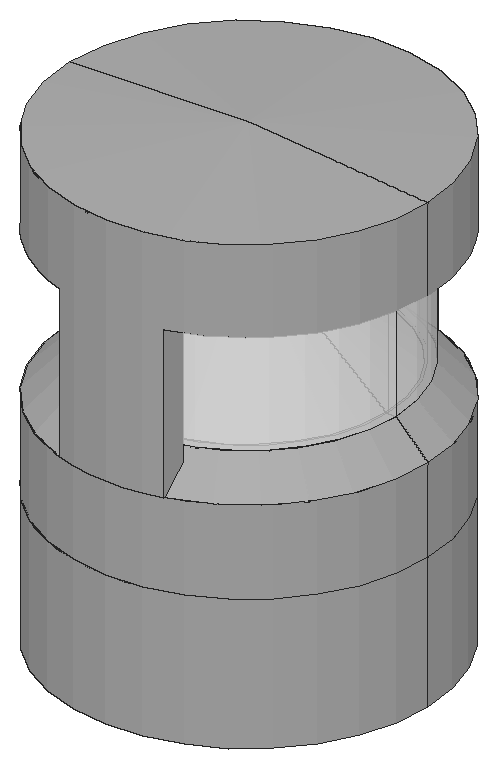
Revit family "Platek_Mirco Menhir_2_Openings", category Apparecchi per illuminazione, Revit 2017
Family settings
  Quota connettore circolare = Usa diametro
  Tipo di parte = Normale
  Basato su piano di lavoro = Sì
  Sempre verticale = No
  Taglio con vuoti quando caricato = No
  Sorgente d'illuminazione = No
  Condiviso = Sì
  Punto di calcolo locali = No
Parameters (values of type "4011112_9,6W_LED_3000K_H150mm")
  URL = "www.platek.eu"
  Supply Voltage Min = 220 V
  Supply Voltage Max = 240 V
  Supply Voltage = 230 V
  Default Elevation = 1219.2 mm
  Produttore = "PLATEK SRL"  # constant formula
  Product Page URL = "http://www.platek.eu/eng/catalogo.php?catseaname=4011112"
  Product Documentation Link = "http://www.platek.eu/eng/catalogo.php?catseaname=4011112"
  Product Dimension = "D115mm x H150mm"
  Power Supply Unit = "Included"
  PLK_Photometric = PLK_Photometrics_4011112 : PLK_Photometrics_4011112
  PLATEK FInishes = "Painted Aluminium, Avalaible in Grey/White/Bronze/Black/Anthracite"
  PLATEK Article Code = "4011112"
  Nota chiave = "Other Led colors available on request, IP68 connector included"
  Mounting Type = "Ground"
  Modello = "MICRO MENHIR"  # constant formula
  Manufacturer Comment = "4mm Thick PMMA"
  Luminaire Wattage = 9.6 W
  Luminaire Luminous Intensity = 197 cd
  Luminaire Luminous Flux = 500 lm
  Light Source = PLK_Light Source
  Lampada = "LED"
  LED Protection = "Surge protection included"
  Insulation Class = "2"
  Immagine tipo = micro_menhir_15_01.jpg
  IP Rating = "IP65"
  IK Rating = "IK 08"
  Height800 = no
  Height500 = no
  Height150 = yes
  Height = if(Height150, 43 mm, if(Height500, 403 mm, if(Height800, 703 mm, 43 mm)))  # 43 mm
  Frequency = "50/60 Hz"
  Energy Efficiency Rating = "A/A+/A++"
  Dimmable = "Yes"
  Diffuse Type = "PMMA"
  Descrizione = "Outdoor Lighting, Floor/Ground Illumination"
  Commenti sul tipo = "Pedestrian areas, Urban zones, Paths, Roads"
  Colour Temperature = 3000 K
  Codice assieme = "4011112.06(Grey); 4011112.08(Anthracite); 3440519.01(Black); 4011112.02(White); 4011112.07(Corten); 4011112.09(Bronze)"
  Carico apparente = 0 VA
  Cable Lenght = ""
  CRI = ">80"
  Body = PLK_Grey
  Angolo di inclinazione = 0.00°
  Aluminium = PLK_Aluminium
Types (4, lengths in mm): name | Product Page URL | Product Documentation Link | Product Dimension | PLK_Photometric | PLATEK Article Code | Luminaire Wattage | Luminaire Luminous Intensity | Luminaire Luminous Flux | Lampada | Immagine tipo | Height800 | Height500 | Height150 | Height | Codice assieme | Angolo di inclinazione
  (no name) | "http://www.platek.eu/eng/catalogo.php?catseaname=4011112" | "http://www.platek.eu/eng/catalogo.php?catseaname=4011112" | "D115mm x H150mm" | PLK_Photometrics_4011112 : PLK_Photometrics_4011112 | "4011112" | 9.6 W | 197 cd | 500 lm | "LED" | micro_menhir_15_01.jpg | no | no | yes | 43 | "4011112.06(Grey); 4011112.08(Anthracite); 3440519.01(Black); 4011112.02(White); 4011112.07(Corten); 4011112.09(Bronze)" | 0.00°
  4011112_9,6W_LED_3000K_H150mm | "http://www.platek.eu/eng/catalogo.php?catseaname=4011112" | "http://www.platek.eu/eng/catalogo.php?catseaname=4011112" | "D115mm x H150mm" | PLK_Photometrics_4011112 : PLK_Photometrics_4011112 | "4011112" | 9.6 W | 197 cd | 500 lm | "LED" | micro_menhir_15_01.jpg | no | no | yes | 43 | "4011112.06(Grey); 4011112.08(Anthracite); 3440519.01(Black); 4011112.02(White); 4011112.07(Corten); 4011112.09(Bronze)" | 0.00°
  4011312_13,5W_LED_3000K_H800mm | "http://www.platek.eu/eng/catalogo.php?catseaname=4011312" | "http://www.platek.eu/eng/catalogo.php?catseaname=4011312" | "D115mm x H800mm" | PLK_Photometrics_4011212 : PLK_Photometrics_4011212 | "4011312" | 13.5 W | 265 cd | 665 lm | "2 LED" | micro_menhir_80.jpg | yes | no | no | 703 | "4011312.06(Grey); 4011312.08(Anthracite); 4011312.01(Black);  4011312.01(Black);  4011312.02(White);  4011312.07(Corten);  4011312.09(Bronze)" | 90.00°
  4011212_13,5W_LED_3000K_H500mm | "http://www.platek.eu/eng/catalogo.php?catseaname=4011212" | "http://www.platek.eu/eng/catalogo.php?catseaname=4011212" | "D115mm x H500mm" | PLK_Photometrics_4011212 : PLK_Photometrics_4011212 | "4011212" | 13.5 W | 265 cd | 665 lm | "2 LED" | micro_menhir_50.jpg | no | yes | no | 403 | "4011212.06(Grey); 4011212.08(Anthracite); 4011212.01(Black); 4011212.02(White); 4011212.07(Corten); 4011212.09(Bronze)" | 90.00°
Reference planes
  plane 1 "Centro (Fronte/Retro)": y = 0
  plane 2: z = 0
  plane 3 "Centro (Sinistra/Destra)": x = 0
  plane 4: x = -57.5
  plane 5: x = 57.5
  plane 6: z = 43
  plane 7: z = 70
  plane 8: z = 80
  plane 9: z = 118.303
  plane 10: z = 148.013
  plane 11: x = -45
  plane 12: x = 45
  plane 13: y = -47.5
  plane 14: y = 47.5
  plane 15: x = -1.178
  plane 16: z = 113.303
  plane 17: x = 1.178
  plane 18: x = -47.5
Forms (mm)
  Extrusion 1, solid, material "PLK_Grey" <- "Body", detail levels medium+fine
    sketch origin (0, 0, 100) x (-1, 0, 0) y (0, -1, 0)
      loop
        circle (0, 0) r 57.5
    from -100 to -57
  Extrusion 2, solid, material "PLK_Grey" <- "Body", detail levels medium+fine
    sketch origin (0, 0, 100) x (-1, 0, 0) y (0, -1, 0)
      loop
        circle (0, 0) r 57.5
    from -57 to -30
  Revolve 3, solid, material "PLK_Grey" <- "Body", detail levels fine
    sketch origin (0, 0, 0) x (1, 0, 0) y (0, 0, 1)
      loop
        line (0, 80) -> (-47.5, 80) -> (-57.5, 70) -> (0, 70) -> (0, 80)
      axis (0, 80) -> (0, 70)
    angle from 0 to 360
  Revolve 4, solid, material "PLK_Grey" <- "Body", detail levels fine
    sketch origin (0, 0, 0) x (1, 0, 0) y (0, 0, 1)
      loop
        line (0, 148.013) -> (-57.5, 145) -> (-57.5, 70) -> (0, 70) -> (0, 148.013)
      axis (0, 148.013) -> (0, 70)
    angle from 0 to 360
  Extrusion 5, void
    sketch origin (0, 0, 100) x (-1, 0, 0) y (0, -1, 0)
      loop
        line (57.5, -47.5) -> (57.5, 47.5) -> (-57.5, 47.5) -> (-57.5, -47.5) -> (57.5, -47.5)
    from -30 to 18.303
  Extrusion 6, void, detail levels fine
    sketch origin (0, 0, 100) x (-1, 0, 0) y (0, -1, 0)
      loop
        line (16.811, -54.988) -> (57.5, -54.988) -> (57.5, 57.558) -> (16.811, 57.558) -> (16.811, -54.988)
      loop
        line (-16.811, -54.988) -> (-16.811, 57.558) -> (-57.5, 57.558) -> (-57.5, -54.988) -> (-16.811, -54.988)
    from -30 to 18.303
  Revolve 7, solid, material "PLK_Aluminium" <- "Aluminium", detail levels fine
    sketch origin (0, 0, 0) x (1, 0, 0) y (0, 0, 1)
      loop
        line (-43.983, 80) -> (0, 80) -> (0, 113.303) -> (-1.178, 113.303) -> (-43.983, 80)
      axis (0, 113.303) -> (0, 80)
    angle from 0 to 360
  Revolve 8, solid, material "PLK_Light Source" <- "Light Source", detail levels fine
    sketch origin (0, 0, 0) x (1, 0, 0) y (0, 0, 1)
      loop
        line (-47.5, 80) -> (-45, 80) -> (-45, 118.303) -> (-47.5, 118.303) -> (-47.5, 80)
      axis (0, 118.303) -> (0, 80)
    angle from 0 to 360
  Extrusion 9, solid, material "PLK_Grey" <- "Body", detail levels medium
    sketch origin (0, 0, 100) x (-1, 0, 0) y (0, -1, 0)
      loop
        circle (0, 0) r 57.5
    from -30 to 48.013
  Extrusion 10, solid, material "PLK_Grey" <- "Body", detail levels coarse
    sketch origin (0, 0, 100) x (-1, 0, 0) y (0, -1, 0)
      loop
        circle (0, 0) r 57.535
    from -100 to 48.013
Cuts and joins
  Extrusion 5, Extrusion 6 cuts Revolve 4
Dimensions and locks
  equal spacing: plane 14, plane 1 "Centro (Fronte/Retro)", plane 13, locked at 47.5 each
  "Height": plane 6 to level
  locked: plane 7 to plane 6 at 27
  locked: plane 8 to plane 7 at 10
  locked: plane 16 to plane 8 at 33.303
  locked: plane 9 to plane 16 at 5
  locked: plane 10 to plane 9 at 29.711
  plane 5 to plane 17 to plane 3 "Centro (Sinistra/Destra)" to plane 15 to plane 4 = 56.322 mm locked, 1.178 mm, 1.178 mm, 56.322 mm locked
  radius of Extrusion 1 sketch curve = 57.5 mm
  radius of Extrusion 9 sketch curve = 57.5 mm
  radius of Extrusion 10 sketch curve = 57.535 mm
  aligned and locked: level to plane 2
  aligned and locked: Extrusion 1 to level
  aligned and locked: plane 6 to Extrusion 1
  aligned and locked: Extrusion 2 to plane 6
  aligned and locked: plane 7 to Extrusion 2
  aligned and locked: Revolve 3 sketch curve to plane 3 "Centro (Sinistra/Destra)"
  aligned and locked: Revolve 4 sketch curve to plane 3 "Centro (Sinistra/Destra)"
  aligned and locked: Extrusion 5 sketch curve to plane 14
  aligned and locked: plane 13 to Extrusion 5 sketch curve
  aligned and locked: Extrusion 5 sketch curve to plane 5
  aligned and locked: plane 4 to Extrusion 5 sketch curve
  aligned and locked: cut or joined group of Revolve 4, Extrusion 5, Extrusion 6 to plane 7
  aligned and locked: plane 9 to cut or joined group of Revolve 4, Extrusion 5, Extrusion 6  (x2)
  aligned and locked: Extrusion 6 sketch curve to plane 4
  aligned and locked: Extrusion 6 sketch curve to Extrusion 6 sketch curve  (x2)
  aligned and locked: Extrusion 6 sketch curve to plane 5
  aligned and locked: Revolve 7 sketch curve to plane 3 "Centro (Sinistra/Destra)"
  aligned and locked: Revolve 8 sketch curve to plane 3 "Centro (Sinistra/Destra)"
  aligned and locked: Revolve 8 to plane 9
  aligned and locked: Revolve 8 to plane 8
  aligned and locked: plane 10 to Extrusion 9
  aligned and locked: Extrusion 9 to plane 7
  aligned and locked: plane 10 to Extrusion 10
  aligned and locked: Extrusion 10 to plane 2
Automatic sketch dimensions
  plane 1 "Centro (Fronte/Retro)" to Extrusion 1 sketch curve = 0 mm
  Extrusion 1 sketch curve to plane 3 "Centro (Sinistra/Destra)" = 0 mm
  plane 1 "Centro (Fronte/Retro)" to Extrusion 2 sketch curve = 0 mm
  Extrusion 2 sketch curve to plane 3 "Centro (Sinistra/Destra)" = 0 mm
  Revolve 3 sketch curve to plane 4 = 0 mm
  Revolve 3 sketch curve to plane 8 = 0 mm
  plane 18 to Revolve 3 sketch curve = 0 mm
  Revolve 3 sketch curve to plane 3 "Centro (Sinistra/Destra)" = 0 mm
  Revolve 3 sketch curve to plane 7 = 0 mm
  Revolve 3 sketch curve to level = 17.398 mm
  plane 10 to Revolve 3 sketch curve = 31.987 mm
  Revolve 4 sketch curve to plane 4 = 0 mm
  Revolve 4 sketch curve to plane 3 "Centro (Sinistra/Destra)" = 0 mm
  Revolve 4 sketch curve to plane 7 = 0 mm
  Revolve 4 sketch curve to plane 10 = 0 mm
  Revolve 4 sketch curve to plane 10 = 3.013 mm
  Revolve 4 sketch curve to plane 6 = 6.703 mm
  plane 10 to Revolve 4 sketch curve = 20.001 mm
  plane 17 to Extrusion 6 sketch curve = 15.633 mm
  Extrusion 6 sketch curve to plane 15 = 15.633 mm
  plane 14 to Extrusion 6 sketch curve = 7.488 mm
  Extrusion 6 sketch curve to plane 13 = 10.058 mm
  Revolve 7 sketch curve to plane 8 = 0 mm
  Revolve 7 sketch curve to plane 15 = 0 mm
  Revolve 7 sketch curve to plane 3 "Centro (Sinistra/Destra)" = 0 mm
  Revolve 7 sketch curve to plane 16 = 0 mm
  plane 11 to Revolve 7 sketch curve = 1.017 mm
  Revolve 7 sketch curve to level = 19.422 mm
  plane 10 to Revolve 7 sketch curve = 50.289 mm
  Revolve 8 sketch curve to plane 9 = 0 mm
  plane 18 to Revolve 8 sketch curve = 0 mm
  Revolve 8 sketch curve to plane 8 = 0 mm
  Revolve 8 sketch curve to plane 11 = 0 mm
  Revolve 8 sketch curve to level = 15.189 mm
  plane 10 to Revolve 8 sketch curve = 26.798 mm
  plane 1 "Centro (Fronte/Retro)" to Extrusion 9 sketch curve = 0 mm
  Extrusion 9 sketch curve to plane 3 "Centro (Sinistra/Destra)" = 0 mm
  plane 1 "Centro (Fronte/Retro)" to Extrusion 10 sketch curve = 0 mm
  Extrusion 10 sketch curve to plane 3 "Centro (Sinistra/Destra)" = 0 mm
  radius of Extrusion 2 sketch curve = 57.5 mm
Nested families
  nested 1: "PLK_Photometrics_4011112" at (-57.5, 0, 118.595) x (0.0173, -0.9999, 0.0009) z (-0.0523, 0, 0.9986), type <- "PLK_Photometric", type "PLK_Photometrics_4011112"
  nested 2: "PLK_Photometrics_4011112" at (57.5, 0, 118.303) x (-0.0172, -0.9999, 0.0009) z (0.0523, 0, 0.9986), type <- "PLK_Photometric", type "PLK_Photometrics_4011112"
Connectors
  electrical at (0, 0, 0)
    settings: on Extrusion 1, index 1, voltage 0 V, apparent load 0 VA, apparent load phase1 0 VA, apparent load phase2 0 VA, apparent load phase3 0 VA, power factor 1, load classification "Altro", number of poles 1, system type 31, power factor state 1, is connector primary yes, connector utility no, sub classification motor no, connector description ""
Definition of nested family "PLK_Photometrics_4011112"
  Parameters (values of type "PLK_Photometrics_4011112")
    Wattage = 1.68303 W
    Dimming Lamp Color Temperature Shift = (empty or 0)
    built-in parameter 1150107 = 3000 (stored number, unit not read)
    Emit Shape Visible in Rendering = no
    Default Elevation = 1219.2 mm
    Manufacturer = "PLATEK SRL"  # constant formula
    built-in parameter 1150110 = 1 (stored number, unit not read)
    built-in parameter 1150109 = 1 (stored number, unit not read)
    built-in parameter 1114218 = 1 (stored number, unit not read)
    built-in parameter 1150112 = 1 (stored number, unit not read)
    built-in parameter 1150137 = (empty or 0)
    built-in parameter 1150132 = 2
    built-in parameter 1150105 = 19.894 (stored number, unit not read)
    built-in parameter 1150102 = (empty or 0)
    built-in parameter 1150106 = 0.19894 (stored number, unit not read)
    Lumens = 250 lm
    Color Filter = 16777215
    Photometric Web File = "4011112.IES"
    built-in parameter 1114217 = 1 (stored number, unit not read)
    built-in parameter 1150139 = (empty or 0)
    Emit from Circle Diameter = 10 mm
    built-in parameter 1150104 = 13.8 (stored number, unit not read)
    built-in parameter 1150115 = 1 (stored number, unit not read)
    built-in parameter 1150114 = 1 (stored number, unit not read)
    built-in parameter 1150113 = 1 (stored number, unit not read)
    built-in parameter 1150134 = (empty or 0)
    built-in parameter 1150138 = (empty or 0)
    Tilt Angle = 90.00°
    built-in parameter 1150133 = 10 (stored number, unit not read)
  Reference planes
    plane 1 "Centro (Fronte/Retro)": y = 0
    plane 2: z = 0
    plane 3 "Centro (Sinistra/Destra)": x = 0
  Dimensions and locks
    aligned and locked: level to plane 2
